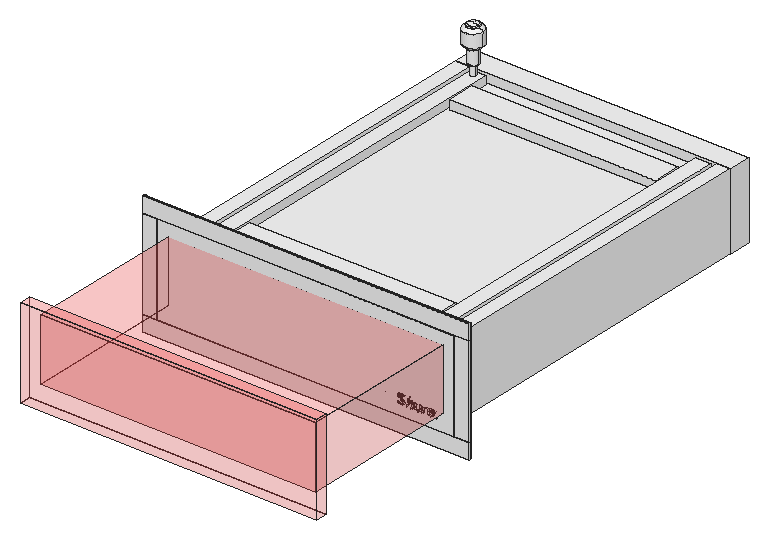
Revit family "Security_ShureSAFE-SPT150", category Generic Models, Revit 2026
Family settings
  Can host rebar = No
  Round Connector Dimension = Use Diameter
  Part Type = Normal
  Work Plane-Based = No
  Always vertical = Yes
  Cut with Voids When Loaded = No
  Maintain Annotation Orientation = No
  Shared = No
  Room Calculation Point = No
Parameters
  URL = "https://www.shuresafe.com/product-category/secure-transaction-drawers/"
  Type Comments = ""
  Specifications = "https://www.arcat.com/company/shure-mfg--corp-35487/spec"
  ProductData = "https://www.arcat.com/arcatcos/cos35/arc35487.html"
  Model = "SPT150"
  Manufacturer = "ShureSAFE"
  Keynote = ""
  Description = ""
  Default Elevation = 0' - 0"
  Cost = 0
  Clearence [instance] = yes
  CADDetails = "https://www.arcat.com/company/shure-mfg--corp-35487/cad"
  Assembly Code = "119713"
Reference planes (in)
  plane 1 "Center (Front/Back)": y = 0
  plane 2: z = 0
  plane 3 "Center (Left/Right)": x = 0
  plane 4: z = 0
  plane 5: x = -9
  plane 6: x = 12.25
  plane 7: z = 0
  plane 8: z = 6.125
  plane 9: y = 7.3758
  plane 10: z = 0.9375
  plane 11: x = 9
Forms (in)
  Extrusion 1, solid, material "ShureSAFE"
    sketch origin (0.01682, 19.6258, 0) x (0, -1, 0) y (1, 0, 0)
      loop
        line (11.37348, -9.01682) -> (11.37348, -8.08521) -> (-11.27497, -8.08521) -> (-11.27497, -9.01682) -> (11.37348, -9.01682)
      loop
        line (-12.75, -9.01682) -> (-11.3089, -9.01682) -> (-11.3089, 8.98318) -> (-12.75, 8.98318) -> (-12.75, -9.01682)
      loop
        line (11.37281, 8.0802) -> (11.37281, 8.98318) -> (-11.27497, 8.98318) -> (-11.27497, 8.0802) -> (11.37281, 8.0802)
    from 0 to 5
  Extrusion 2, solid, material "ShureSAFE"
    sketch origin (0.01682, 19.6258, 0) x (0, -1, 0) y (1, 0, 0)
      loop
        line (-12.5, -8.7704) -> (11.45113, -8.7704) -> (11.45113, 8.7704) -> (-12.5, 8.7704) -> (-12.5, -8.7704)
    from 0 to 0.25
  Extrusion 3, solid, not visible
    sketch origin (-1.52417, -6.7296, 0) x (0.707107, -0.707107, 0) y (0, 0, 1)
      loop
        circle (1, 21.8954) r 0.25
    from 0 to 5.8425
  Extrusion 4, solid, not visible
    sketch origin (-1.52417, -6.7296, 0) x (0.707107, -0.707107, 0) y (0, 0, 1)
      loop
        circle (1, 21.8954) r 0.5
    from 5.8125 to 6.125
  Extrusion 5, solid, material "ShureSAFE"
    sketch origin (0.01682, 19.6258, 4.75) x (0, -1, 0) y (1, 0, 0)
      loop
        line (-9.76251, -6.7381) -> (-7.94547, -6.7381) -> (-7.94547, 6.73308) -> (-9.76251, 6.73308) -> (-9.76251, -6.7381)
      loop
        line (10.25503, -6.7381) -> (10.25503, 6.73308) -> (8.44075, 6.73308) -> (8.44075, -6.7381) -> (10.25503, -6.7381)
      loop
        line (11.37281, 6.8584) -> (11.37281, 7.82957) -> (-11.0896, 7.82957) -> (-11.0896, 6.8584) -> (11.37281, 6.8584)
      loop
        line (11.37281, -7.83459) -> (11.37281, -6.86341) -> (-11.0896, -6.86341) -> (-11.0896, -7.83459) -> (11.37281, -7.83459)
    from -0.3125 to 0.25
  Extrusion 6, solid, material "ShureSAFE"
    sketch origin (0.01682, 19.6258, 4.1875) x (0, -1, 0) y (1, 0, 0)
      loop
        line (-11.3089, -8.08521) -> (11.45113, -8.08521) -> (11.45113, 8.0802) -> (-11.3089, 8.0802) -> (-11.3089, -8.08521)
    from 0 to 0.25
  Extrusion 7, solid, material "ShureSAFE"
    sketch origin (0, 0, 0) x (1, 0, 0) y (0, 0, 1)
      loop
        line (-10.6875, -1.15625) -> (10.6875, -1.15625) -> (10.6875, -0.15625) -> (-10.6875, -0.15625) -> (-10.6875, -1.15625)
      loop
        line (-10.6875, 5.84375) -> (10.6875, 5.84375) -> (10.6875, 6.84375) -> (-10.6875, 6.84375) -> (-10.6875, 5.84375)
      loop
        line (-9.75, -0.11719) -> (-9.75, 5.80469) -> (-10.6875, 5.80469) -> (-10.6875, -0.11719) -> (-9.75, -0.11719)
      loop
        line (9.75, -0.11719) -> (10.6875, -0.11719) -> (10.6875, 5.80469) -> (9.75, 5.80469) -> (9.75, -0.11719)
    from -7.43575 to -7.3758
  Extrusion 8, solid, material "ShureSAFE"
    sketch origin (0, 0, 0) x (1, 0, 0) y (0, 0, 1)
      loop
        line (-9.7143, -0.1217) -> (9.71644, -0.1217) -> (9.71644, 5.80993) -> (-9.7143, 5.80993) -> (-9.7143, -0.1217)
      loop
        arc (6.00222, 0.70903) -> (6.02811, 0.64542) -> (6.06911, 0.59033) r 0.27192
        arc (6.06911, 0.59033) -> (6.19422, 0.51503) -> (6.34022, 0.51259) r 0.2813
        arc (6.34022, 0.51259) -> (6.45247, 0.56266) -> (6.53478, 0.65395) r 0.2965
        arc (6.53478, 0.65395) -> (6.53873, 0.73853) -> (6.48859, 0.80677) r 0.1269
        line (6.48859, 0.80677) -> (6.22405, 1.02447)
        arc (6.22405, 1.02447) -> (6.22127, 1.05825) -> (6.2496, 1.07685) r 0.03318
        arc (6.2496, 1.07685) -> (6.31133, 1.08327) -> (6.37206, 1.07043) r 0.19989
        arc (6.37206, 1.07043) -> (6.39373, 1.05041) -> (6.40024, 1.02163) r 0.04973
        line (6.40024, 1.02163) -> (6.57751, 1.02163)
        arc (6.57751, 1.02163) -> (6.55782, 1.07424) -> (6.52683, 1.12109) r 0.24898
        arc (6.52683, 1.12109) -> (6.30101, 1.2265) -> (6.07519, 1.12109) r 0.29459
        arc (6.07519, 1.12109) -> (6.03574, 1.03324) -> (6.06996, 0.94321) r 0.12583
        line (6.06996, 0.94321) -> (6.34782, 0.71456)
        arc (6.34782, 0.71456) -> (6.36058, 0.68695) -> (6.34782, 0.65933) r 0.03626
        arc (6.34782, 0.65933) -> (6.27743, 0.64775) -> (6.20704, 0.65933) r 0.21971
        arc (6.20704, 0.65933) -> (6.18531, 0.67992) -> (6.17835, 0.70903) r 0.05255
        line (6.17835, 0.70903) -> (6.00222, 0.70903)
      loop
        line (6.71636, 1.22835) -> (6.58849, 0.50317) -> (6.73309, 0.50317) -> (6.78761, 0.81233)
        arc (6.78761, 0.81233) -> (6.89113, 0.87884) -> (6.96037, 0.77712) r 0.08819
        line (6.96037, 0.77712) -> (6.91222, 0.50317) -> (7.05526, 0.50317) -> (7.11416, 0.83722)
        arc (7.11416, 0.83722) -> (7.01151, 1.00816) -> (6.81519, 0.97332) r 0.17584
        line (6.81519, 0.97332) -> (6.86015, 1.22835) -> (6.71636, 1.22835)
      loop
        circle (8.60587, 0.58636) r 0.05083
      loop
        line (7.31633, 0.97219) -> (7.17329, 0.97219) -> (7.12499, 0.69827)
        arc (7.12499, 0.69827) -> (7.22343, 0.52823) -> (7.41977, 0.53563) r 0.19049
        line (7.41977, 0.53563) -> (7.41404, 0.50317) -> (7.55708, 0.50317) -> (7.63978, 0.97219) -> (7.49674, 0.97219) -> (7.44611, 0.68505)
        arc (7.44611, 0.68505) -> (7.34488, 0.62251) -> (7.27114, 0.71591) r 0.08943
        line (7.27114, 0.71591) -> (7.31633, 0.97219)
      loop
        line (7.85658, 0.97219) -> (7.70182, 0.97219) -> (7.61912, 0.50317) -> (7.77388, 0.50317) -> (7.82494, 0.79274)
        arc (7.82494, 0.79274) -> (7.87955, 0.85598) -> (7.96301, 0.85187) r 0.09531
        line (7.96301, 0.85187) -> (7.98859, 0.97219)
        arc (7.98859, 0.97219) -> (7.91628, 0.96659) -> (7.85029, 0.9365) r 0.20798
        line (7.85029, 0.9365) -> (7.85658, 0.97219)
      loop
        line (8.16025, 0.79993) -> (8.34905, 0.79993)
        arc (8.34905, 0.79993) -> (8.32207, 0.8584) -> (8.2611, 0.87911) r 0.08161
        arc (8.2611, 0.87911) -> (8.1987, 0.85478) -> (8.16025, 0.79993) r 0.11565
      loop
        arc (8.32512, 0.6909) -> (8.26738, 0.6473) -> (8.19503, 0.64863) r 0.11082
        arc (8.19503, 0.64863) -> (8.15335, 0.68368) -> (8.14384, 0.73729) r 0.07982
        line (8.14384, 0.73729) -> (8.519, 0.73729)
        arc (8.519, 0.73729) -> (8.25256, 1.00373) -> (7.98612, 0.73729) r 0.26644
        arc (7.98612, 0.73729) -> (8.04946, 0.57843) -> (8.20473, 0.50672) r 0.2309
        arc (8.20473, 0.50672) -> (8.38416, 0.55526) -> (8.51126, 0.6909) r 0.34001
        line (8.51126, 0.6909) -> (8.32512, 0.6909)
    from -8.17468 to -7.3758
  Extrusion 9, solid, material "ShureSAFE"
    sketch origin (0, 0.05995, 0) x (1, 0, 0) y (0, 0, 1)
      loop
        line (-10.6875, -1.15625) -> (10.6875, -1.15625) -> (10.6875, -0.11719) -> (10.6875, 5.84375) -> (10.6875, 6.84375) -> (-10.6875, 6.84375) -> (-10.6875, 5.80469) -> (-10.6875, -0.15625) -> (-10.6875, -1.15625)
      loop
        line (9.75, -0.15625) -> (9.75, 5.84375) -> (-9.75, 5.84375) -> (-9.75, -0.15625) -> (9.75, -0.15625)
    from -7.43575 to -7.3758
  Extrusion 10, solid, material "Projection", visible <- "Clearence"
    sketch origin (0, -11.25, 0) x (1, 0, 0) y (0, 0, 1)
      loop
        line (-9.7143, -0.1217) -> (9.71644, -0.1217) -> (9.71644, 5.80993) -> (-9.7143, 5.80993) -> (-9.7143, -0.1217)
    from -8.17468 to -7.3758
  Revolve 11, solid, material "ShureSAFE"
    sketch origin (0, 30.25, -0.60711) x (1, 0, 0) y (0, 0, 1)
      loop
        line (-7.31611, 8.76515) -> (-7.31611, 5.71146) -> (-7.12754, 5.71146) -> (-7.12754, 6.31999) -> (-7.08405, 6.31999) -> (-6.9903, 6.41374) -> (-6.9903, 7.28141) -> (-7.07118, 7.28141)
        arc (-7.07118, 7.28141) -> (-6.84921, 7.39673) -> (-6.6778, 7.5789) r 0.74651
        line (-6.6778, 7.5789) -> (-6.6778, 8.4113)
        arc (-6.6778, 8.4113) -> (-6.7633, 8.51956) -> (-6.86928, 8.60788) r 0.66556
        line (-6.86928, 8.60788) -> (-6.93742, 8.60788) -> (-6.93742, 8.66046)
        arc (-6.93742, 8.66046) -> (-6.95289, 8.69255) -> (-6.98154, 8.71372) r 0.07417
        arc (-6.98154, 8.71372) -> (-7.14686, 8.75222) -> (-7.31611, 8.76515) r 1.11403
      axis (-7.31611, 8.76515) -> (-7.31611, 5.71146)
    angle from 0 to 360
  Extrusion 12, solid, material "Projection", visible <- "Clearence"
    sketch origin (0, 0, 0) x (1, 0, 0) y (0, 0, 1)
      loop
        line (-9.00825, 5) -> (-9.00825, 0.94215) -> (9.03687, 0.94215) -> (9.03687, 5) -> (-9.00825, 5)
    from -7.3758 to 3.07532
  Extrusion 13, solid, material "ShureSAFE"
    sketch origin (0, 0.05995, 0) x (1, 0, 0) y (0, 0, 1)
      loop
        line (5.78176, 1.4053) -> (5.78176, 0) -> (8.93059, 0) -> (8.93059, 1.4053) -> (5.78176, 1.4053)
    from -7.43575 to -7.3758
Dimensions and locks (in)
  Extrusion 9 to Extrusion 9 = 1' - 9 3/8"
  Extrusion 9 to Extrusion 9 = 0' - 8"
  Extrusion 7 to Extrusion 1 = 2' - 1"
  Extrusion 1 to Extrusion 1 = 1' - 6"
  Extrusion 1 to Extrusion 1 = 0' - 5"
  Extrusion 1 to Extrusion 7 = 2' - 1"
  plane 9 to Extrusion 10 = 0' - 11 1/4"
  aligned and locked: plane 2 to level
